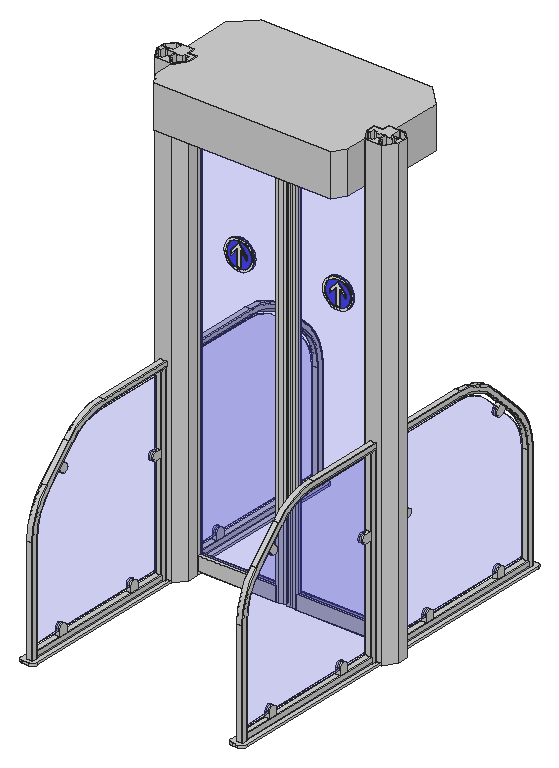
Revit family "agtatec_Record_ScrtTnnl_FlipFlowWide_Standalone2", category Doors, Revit 2015
Parameters (values of type "FlipFlow Wide_1229")
  Width = NominalWidth  # 1229.00 mm
  Weight = "n/a"
  WarrantyStartDate [instance] = "366.999988425926"
  WarrantyGuarantorParts = "Local door manufacturer"
  WarrantyDurationUnit = "Depends on country"
  WarrantyDurationParts = "Depends on country"
  WarrantyDescription = "Depends on country"
  Version = "1"
  Uniclass2015Version = "1.9"
  Uniclass2015Title = "High security doorsets"
  Uniclass2015Code = "Pr_30_59_24_37"
  URL = ""
  Type Comments = ""
  ThresholdStripping = no
  ThresholdRequired = no
  Thickness = 0.00 mm
  ThermalTransmittance = 0
  TagNumber [instance] = "n/a"
  SmokeStop = no
  Size = "2365x2248x1229"
  ShortRailing = yes
  Shape = "cuboid shaped"
  SerialNumber [instance] = "n/a"
  Sensor = agtatec_Record_Aluminium
  SelfClosing = yes
  SafetyDevices = "YES"
  Rubber = agtatec_Record_Rubber
  Rough Width = NominalWidth  # 1229.00 mm
  Rough Height = NominalHeight  # 2365.00 mm
  Revision = "n/a"
  ReplacementCost = "Depends on the configuration and door type"
  Reference = "n/a"
  ProductInformation = "www.agta-record.com"
  PassageWidthOptions = "650/900/1100/1200"
  PassageWidth = 900.00 mm
  PassageHeight = 2150.00 mm
  PanelWidth = (PassageWidth / 2) + 23.10 mm  # 473.10 mm
  PanelGlass = agtatec_Record_Glass
  Operation = "Automatic"
  OperatingTemperature = "n/a"
  OpeningRotationAngle = if(OpenDoor, 90.00°, 0.00°)  # 0.00°
  OpenDoor = no
  NominalWidth = 1229.00 mm
  NominalLength = 2248.00 mm
  NominalHeight = 2365.00 mm
  Name = "record FlipFlow Wide"
  NBSReference = "25-50-20/175"
  NBSDescription = "Sliding Doorset"
  ModelReference = "depends on the configuration"
  ModelNumber = "n/a"
  Model = ""
  Material = "Aluminium"
  ManufacturerURL = "www.agta-record.com"
  Manufacturer = "info@blasi.info"
  Length = 5999.839 mm
  LeafColourOptions = "n/a"
  LargeRailing = no
  Keynote = ""
  IsExternal = no
  InstallationDate [instance] = "366.999988425926"
  Infiltration = 0
  IfcExportType = "Door"
  IfcExportAs = "IFCDoorStyle"
  HeightUnderCanopyOptions = "n/a"
  Height = NominalHeight  # 2365.00 mm
  HasDrive = yes
  HandicapAccessible = yes
  Grade = "n/a"
  GlassType = "n/a"
  GlassThickness2 = 0.00 mm
  GlassThickness1 = 0.00 mm
  GlassLayers = 1
  Function = Exterior
  Frames = agtatec_Record_Aluminium
  FrameProfile = "n/a"
  FrameMaterial = agtatec_Record_Aluminium
  FrameFinishOptions = "stainless steel finish"
  Fire Rating = ""
  Finish = "Aluminium and Glass"
  Features = "n/a"
  Extended = no
  ExpectedLife = "n/a"
  ElectronicLock = yes
  DurationUnit = "Year"
  DoorsetOptions = "n/a"
  DoorsetOperation = "n/a"
  DoorsetFasteners = "n/a"
  DoorSeal = yes
  DoorIncluded = yes
  DiameterOptions = "n/a"
  Description = ""
  Cost = 0
  Construction Type = "Automatic Sliding Door"
  Constituents = "n/a"
  Configuration = "n/a"
  Color = "RAL"
  CodePerformance = "n/a"
  Category = "n/a"
  Capacity = "up tp 2000 people / hour"
  CanopyHeightOptions = "n/a"
  CanopyHeight = 211.00 mm
  BarCode [instance] = "n/a"
  BIMObjectName = "agtatec_Record_ScrtTnnl_FlipFlowWide_Standalone"
  Author = "agtatec"
  AssetType = "n/a"
  AssetIdentifier [instance] = "n/a"
  Assembly Code = ""
  AntiFingerTrapRequirement = no
  AlternativeDoorsetGlazing = "n/a"
  AccessoryOptions = "n/a"
  AccessibilityPerformance = "n/a"
Reference planes
  plane 1 "Entry": y = 0
  plane 2: z = 0
  plane 3 "Center (Left/Right)": x = 0
  plane 4 "Top": z = 2361
  plane 5 "PH": z = 2150
  plane 6: x = -450
  plane 7: x = 450
  plane 8: x = 473.1
  plane 9: x = -473.1
  plane 10 "Right": x = 528.4
  plane 11: x = 536.4
  plane 12 "Left": x = -528.4
  plane 13: x = -536.4
  plane 14: y = 9.35
  plane 15: y = 17.45
  plane 16: z = 70.9
  plane 17: z = 2130.9
Forms (mm)
  Sweep 1, solid, material "agtatec_Record_Aluminium" <- "Frames"
    path origin (0, 0, 0) x (1, 0, 0) y (0, 0, 1)
      loop
        line (450, 0) -> (450, 2361)
    profile origin (450, 0, 1180.5) x (-1, 0, 0) y (0, -1, 0)
      loop
        line (-37.465, 128.76) -> (-127.035, 128.76) -> (-164.5, 68.803) -> (-164.5, 20.298) -> (-126.752, -17.45) -> (-43.296, -17.45) -> (-43.296, 20.296) -> (0, 20.296) -> (0, 68.803) -> (-37.465, 128.76)
      loop
        line (-93.15, 103.76) -> (-100.15, 103.76) -> (-100.15, 113.76) -> (-110.85, 113.76) -> (-110.85, 121.863) -> (-127.78, 121.863) -> (-162, 67.057) -> (-162, 65.303) -> (-144.6, 65.303) -> (-144.6, 44) -> (-121.65, 44) -> (-121.65, 53.5) -> (-84.65, 53.5) -> (-84.65, 90.06) -> (-93.15, 90.06) -> (-93.15, 103.76)
      loop
        line (-71.15, 103.76) -> (-71.15, 90.06) -> (-79.65, 90.06) -> (-79.65, 53.5) -> (-42.65, 53.5) -> (-42.65, 44) -> (-19.9, 44) -> (-19.9, 65.303) -> (-2.3, 65.303) -> (-2.3, 67.057) -> (-36.52, 121.863) -> (-53.45, 121.863) -> (-53.45, 113.76) -> (-64.15, 113.76) -> (-64.15, 103.76) -> (-71.15, 103.76)
      loop
        line (-102.6, 39) -> (-162, 39) -> (-162, 21.326) -> (-129.934, -10.74) -> (-106, -10.74) -> (-106, -7.95) -> (-102.6, -7.95) -> (-102.6, 39)
  Sweep 2, solid, material "agtatec_Record_Aluminium" <- "Frames"
    path origin (0, 0, 0) x (-1, 0, 0) y (0, 0, 1)
      loop
        line (450, 0) -> (450, 2361)
    profile origin (-450, 0, 1180.5) x (-1, 0, 0) y (0, -1, 0)
      loop
        line (37.465, 128.76) -> (0, 68.803) -> (0, 20.296) -> (43.296, 20.296) -> (43.296, -17.45) -> (126.752, -17.45) -> (164.5, 20.298) -> (164.5, 68.803) -> (127.035, 128.76) -> (37.465, 128.76)
      loop
        line (93.15, 103.76) -> (93.15, 90.06) -> (84.65, 90.06) -> (84.65, 53.5) -> (121.65, 53.5) -> (121.65, 44) -> (144.6, 44) -> (144.6, 65.303) -> (162, 65.303) -> (162, 67.057) -> (127.78, 121.863) -> (110.85, 121.863) -> (110.85, 113.76) -> (100.15, 113.76) -> (100.15, 103.76) -> (93.15, 103.76)
      loop
        line (71.15, 103.76) -> (64.15, 103.76) -> (64.15, 113.76) -> (53.45, 113.76) -> (53.45, 121.863) -> (36.52, 121.863) -> (2.3, 67.057) -> (2.3, 65.303) -> (19.9, 65.303) -> (19.9, 44) -> (42.65, 44) -> (42.65, 53.5) -> (79.65, 53.5) -> (79.65, 90.06) -> (71.15, 90.06) -> (71.15, 103.76)
      loop
        line (102.6, 39) -> (102.6, -7.95) -> (106, -7.95) -> (106, -10.74) -> (129.934, -10.74) -> (162, 21.326) -> (162, 39) -> (102.6, 39)
  Extrusion 3, solid, material "agtatec_Record_Aluminium" <- "Frames"
    sketch origin (0, 0, 2150) x (-1, 0, 0) y (0, -1, 0)
      loop
        line (-488.1, 129.776) -> (-450, 68.803) -> (-450, 20.296) -> (-493.296, 20.296) -> (-493.296, -17.45) -> (-531.6, -17.45) -> (-531.6, -267.378) -> (-432.428, -366.55) -> (431.978, -366.55) -> (531.6, -266.928) -> (531.6, -17.45) -> (493.296, -17.45) -> (493.296, 20.296) -> (450, 20.296) -> (450, 68.803) -> (487.75, 129.216) -> (487.75, 231.198) -> (447.851, 295.05) -> (-448.458, 295.05) -> (-488.1, 231.61) -> (-488.1, 129.776)
    from 0 to 10
  Extrusion 4, solid, material "agtatec_Record_Aluminium" <- "Frames"
    sketch origin (0, -5999.839, 2150) x (-1, 0, 0) y (0, -1, 0)
      loop
        line (-531.6, -6267.218) -> (-432.428, -6366.389) -> (431.978, -6366.389) -> (531.6, -6266.768) -> (531.6, -6017.289) -> (529.6, -6017.289) -> (529.6, -6266.115) -> (430.974, -6364.389) -> (-431.6, -6364.389) -> (-529.6, -6266.389) -> (-529.6, -6017.289) -> (-531.6, -6017.289) -> (-531.6, -6267.218)
    from 0 to 211
  Extrusion 5, solid, material "agtatec_Record_Aluminium" <- "Frames"
    sketch origin (0, 0, 2150) x (-1, 0, 0) y (0, -1, 0)
      loop
        line (487.75, 128.76) -> (487.75, 231.198) -> (447.851, 295.05) -> (-448.458, 295.05) -> (-488.1, 231.61) -> (-488.1, 128.76) -> (-486.1, 128.76) -> (-486.1, 231.037) -> (-447.35, 293.05) -> (446.742, 293.05) -> (485.75, 230.625) -> (485.75, 128.76) -> (487.75, 128.76)
    from 0 to 211
  Extrusion 6, solid, material "agtatec_Record_Aluminium" <- "Frames"
    sketch origin (0, 0, 2361) x (-1, 0, 0) y (0, -1, 0)
      loop
        line (487.75, 129.216) -> (487.75, 231.198) -> (447.851, 295.05) -> (-448.458, 295.05) -> (-488.1, 231.61) -> (-488.1, 129.776) -> (-450, 68.803) -> (-450, 20.296) -> (-493.296, 20.296) -> (-493.296, -17.45) -> (-531.6, -17.45) -> (-531.6, -267.378) -> (-432.428, -366.55) -> (431.978, -366.55) -> (531.6, -266.928) -> (531.6, -17.45) -> (493.296, -17.45) -> (493.296, 20.296) -> (450, 20.296) -> (450, 68.803) -> (487.75, 129.216)
    from 0 to -10
  Sweep 7, solid, material "agtatec_Record_Aluminium" <- "Frames"
    path origin (528.4, 0, 0) x (0, -1, 0) y (0, 0, 1)
      loop
        line (128.76, 1000) -> (521.973, 1000)
        arc (521.973, 1000) -> (642.519, 976.022) -> (744.712, 907.739) r 315
        line (744.712, 907.739) -> (886.133, 766.317)
        arc (886.133, 766.317) -> (954.417, 664.124) -> (978.395, 543.579) r 315
        line (978.395, 543.579) -> (978.395, 0)
    profile origin (528.4, -325.367, 1000) x (0, 0, 1) y (-1, 0, 0)
      loop
        arc (0, 8.042) -> (-0.893, 10.136) -> (-2.999, 11) r 2.999
        line (-2.999, 11) -> (-26.998, 11)
        arc (-26.998, 11) -> (-29.119, 10.121) -> (-30, 8) r 3
        line (-30, 8) -> (-30, -16.051)
        arc (-30, -16.051) -> (-29.104, -18.139) -> (-27.002, -19) r 2.999
        line (-27.002, -19) -> (-3.001, -19)
        arc (-3.001, -19) -> (-0.894, -18.136) -> (0, -16.041) r 3.001
        line (0, -16.041) -> (0, 8.042)
  Sweep 8, solid, material "agtatec_Record_Aluminium" <- "Frames", visible <- "LargeRailing"
    path origin (528.4, 18.7, 0) x (0, 1, 0) y (0, 0, 1)
      loop
        line (-1.25, 1000) -> (742.679, 1000)
        arc (742.679, 1000) -> (863.225, 976.022) -> (965.418, 907.739) r 315
        line (965.418, 907.739) -> (1106.841, 766.316)
        arc (1106.841, 766.316) -> (1175.124, 664.122) -> (1199.102, 543.577) r 315
        line (1199.102, 543.577) -> (1199.102, 0)
    profile origin (528.4, 389.415, 1000) x (0, 0, -1) y (-1, 0, 0)
      loop
        line (0, 8.042) -> (0, -16.041)
        arc (0, -16.041) -> (0.894, -18.136) -> (3.001, -19) r 3.001
        line (3.001, -19) -> (27.002, -19)
        arc (27.002, -19) -> (29.104, -18.139) -> (30, -16.051) r 2.999
        line (30, -16.051) -> (30, 8)
        arc (30, 8) -> (29.119, 10.121) -> (26.998, 11) r 3
        line (26.998, 11) -> (2.999, 11)
        arc (2.999, 11) -> (0.893, 10.136) -> (0, 8.042) r 2.999
  Extrusion 9, solid, material "agtatec_Record_Aluminium" <- "Frames"
    sketch origin (0, 0, 0) x (1, 0, 0) y (0, 1, 0)
      loop
        line (492.399, -128.76) -> (492.399, -978.395)
        arc (492.399, -978.395) -> (499.722, -996.072) -> (517.399, -1003.395) r 25
        line (517.399, -1003.395) -> (547.399, -1003.395)
        arc (547.399, -1003.395) -> (565.077, -996.072) -> (572.399, -978.395) r 25
        line (572.399, -978.395) -> (572.399, -128.76) -> (544.441, -128.76)
        arc (544.441, -128.76) -> (546.562, -129.639) -> (547.441, -131.76) r 3
        line (547.441, -131.76) -> (547.441, -155.76)
        arc (547.441, -155.76) -> (546.564, -157.879) -> (544.448, -158.76) r 3
        line (544.448, -158.76) -> (520.433, -158.76)
        arc (520.433, -158.76) -> (518.317, -157.879) -> (517.441, -155.76) r 3
        line (517.441, -155.76) -> (517.441, -131.76)
        arc (517.441, -131.76) -> (518.319, -129.639) -> (520.441, -128.76) r 3
        line (520.441, -128.76) -> (492.399, -128.76)
      loop
        line (520.358, -978.395) -> (544.441, -978.395)
        arc (544.441, -978.395) -> (546.536, -977.501) -> (547.4, -975.394) r 3.001
        line (547.4, -975.394) -> (547.4, -951.393)
        arc (547.4, -951.393) -> (546.539, -949.29) -> (544.451, -948.394) r 2.999
        line (544.451, -948.394) -> (520.4, -948.394)
        arc (520.4, -948.394) -> (518.279, -949.275) -> (517.4, -951.397) r 3
        line (517.4, -951.397) -> (517.4, -975.396)
        arc (517.4, -975.396) -> (518.264, -977.502) -> (520.358, -978.395) r 2.999
    from 0 to 10
  Extrusion 10, solid, material "agtatec_Record_Aluminium" <- "Frames", visible <- "LargeRailing"
    sketch origin (0, 239.408, 0) x (1, 0, 0) y (0, 1, 0)
      loop
        line (492.399, -221.958) -> (520.441, -221.958)
        arc (520.441, -221.958) -> (518.319, -221.079) -> (517.441, -218.958) r 3
        line (517.441, -218.958) -> (517.441, -194.958)
        arc (517.441, -194.958) -> (518.317, -192.839) -> (520.433, -191.958) r 3
        line (520.433, -191.958) -> (544.448, -191.958)
        arc (544.448, -191.958) -> (546.564, -192.839) -> (547.441, -194.958) r 3
        line (547.441, -194.958) -> (547.441, -218.958)
        arc (547.441, -218.958) -> (546.562, -221.079) -> (544.441, -221.958) r 3
        line (544.441, -221.958) -> (572.399, -221.958) -> (572.399, 978.395)
        arc (572.399, 978.395) -> (565.077, 996.072) -> (547.399, 1003.395) r 25
        line (547.399, 1003.395) -> (517.399, 1003.395)
        arc (517.399, 1003.395) -> (499.722, 996.072) -> (492.399, 978.395) r 25
        line (492.399, 978.395) -> (492.399, -221.958)
      loop
        line (517.4, 975.396) -> (517.4, 951.397)
        arc (517.4, 951.397) -> (518.279, 949.275) -> (520.4, 948.397) r 3
        line (520.4, 948.397) -> (544.451, 948.394)
        arc (544.451, 948.394) -> (546.539, 949.29) -> (547.4, 951.393) r 2.999
        line (547.4, 951.393) -> (547.4, 975.394)
        arc (547.4, 975.394) -> (546.536, 977.501) -> (544.441, 978.395) r 3.001
        line (544.441, 978.395) -> (520.358, 978.395)
        arc (520.358, 978.395) -> (518.264, 977.502) -> (517.4, 975.396) r 2.999
    from 0 to 10
  Extrusion 11, solid, material "agtatec_Record_Aluminium" <- "Frames", visible <- "LargeRailing"
    sketch origin (0, 47.45, 256.131) x (0, 0, -1) y (1, 0, 0)
      loop
        line (-213.868, 544.496) -> (-213.868, 520.302)
        arc (-213.868, 520.302) -> (-212.989, 518.235) -> (-210.921, 517.358) r 3
        line (-210.921, 517.358) -> (-186.871, 517.358)
        arc (-186.871, 517.358) -> (-184.749, 518.237) -> (-183.869, 520.359) r 3.002
        line (-183.869, 520.359) -> (-183.869, 544.439)
        arc (-183.869, 544.439) -> (-184.749, 546.561) -> (-186.871, 547.441) r 3.002
        line (-186.871, 547.441) -> (-210.921, 547.441)
        arc (-210.921, 547.441) -> (-212.989, 546.563) -> (-213.868, 544.496) r 3
    from 0 to -1140.352
  Extrusion 12, solid, material "agtatec_Record_Aluminium" <- "Frames"
    sketch origin (0, 0, 0) x (1, 0, 0) y (0, 1, 0)
      loop
        arc (517.441, -155.76) -> (518.317, -157.879) -> (520.433, -158.76) r 3
        line (520.433, -158.76) -> (544.448, -158.76)
        arc (544.448, -158.76) -> (546.564, -157.879) -> (547.441, -155.76) r 3
        line (547.441, -155.76) -> (547.441, -131.76)
        arc (547.441, -131.76) -> (546.562, -129.639) -> (544.441, -128.76) r 3
        line (544.441, -128.76) -> (520.441, -128.76)
        arc (520.441, -128.76) -> (518.319, -129.639) -> (517.441, -131.76) r 3
        line (517.441, -131.76) -> (517.441, -155.76)
    from 0 to 970
  Extrusion 13, solid, material "agtatec_Record_Glass" <- "PanelGlass", visible <- "LargeRailing"
    sketch origin (528.4, 0, 0) x (0, -1, 0) y (0, 0, 1)
      loop
        arc (-767.249, 949.5) -> (-862.92, 930.47) -> (-944.026, 876.277) r 250
        line (-944.026, 876.277) -> (-1004.912, 815.391) -> (-998.265, 808.744)
        arc (-998.265, 808.744) -> (-998.265, 780.46) -> (-1026.549, 780.46) r 20
        line (-1026.549, 780.46) -> (-1033.196, 787.107) -> (-1094.579, 725.724)
        arc (-1094.579, 725.724) -> (-1148.772, 644.618) -> (-1167.802, 548.947) r 250
        line (-1167.802, 548.947) -> (-1167.802, 490.5) -> (-957.802, 490.5) -> (-957.802, 500)
        arc (-957.802, 500) -> (-937.802, 520) -> (-917.802, 500) r 20
        line (-917.802, 500) -> (-917.802, 490.5) -> (-287.805, 490.5) -> (-287.805, 500)
        arc (-287.805, 500) -> (-267.805, 520) -> (-247.805, 500) r 20
        line (-247.805, 500) -> (-247.805, 490.5) -> (-67.805, 490.5) -> (-67.805, 949.5) -> (-247.805, 949.5) -> (-247.805, 940)
        arc (-247.805, 940) -> (-267.805, 920) -> (-287.805, 940) r 20
        line (-287.805, 940) -> (-287.805, 949.5) -> (-767.249, 949.5)
    from 0 to -8
  Extrusion 14, solid, material "agtatec_Record_Aluminium" <- "Frames", visible <- "LargeRailing"
    sketch origin (0, -111.31, 0) x (1, 0, 0) y (0, 1, 0)
      loop
        line (517.441, 155.76) -> (517.441, 131.76)
        arc (517.441, 131.76) -> (518.319, 129.639) -> (520.441, 128.76) r 3
        line (520.441, 128.76) -> (544.441, 128.76)
        arc (544.441, 128.76) -> (546.562, 129.639) -> (547.441, 131.76) r 3
        line (547.441, 131.76) -> (547.441, 155.76)
        arc (547.441, 155.76) -> (546.564, 157.879) -> (544.448, 158.76) r 3
        line (544.448, 158.76) -> (520.433, 158.76)
        arc (520.433, 158.76) -> (518.317, 157.879) -> (517.441, 155.76) r 3
    from 0 to 970
  Extrusion 15, solid, material "agtatec_Record_Glass" <- "PanelGlass", visible <- "LargeRailing"
    sketch origin (528.4, 0, 0) x (0, -1, 0) y (0, 0, 1)
      loop
        line (-67.805, 420) -> (-247.805, 420) -> (-247.805, 410)
        arc (-247.805, 410) -> (-267.805, 390) -> (-287.805, 410) r 20
        line (-287.805, 410) -> (-287.805, 420) -> (-917.802, 420) -> (-917.802, 410)
        arc (-917.802, 410) -> (-937.802, 390) -> (-957.802, 410) r 20
        line (-957.802, 410) -> (-957.802, 420) -> (-1167.805, 420) -> (-1167.805, 60) -> (-957.802, 60) -> (-957.802, 70)
        arc (-957.802, 70) -> (-937.802, 90) -> (-917.802, 70) r 20
        line (-917.802, 70) -> (-917.802, 60) -> (-287.805, 60) -> (-287.805, 70)
        arc (-287.805, 70) -> (-267.805, 90) -> (-247.805, 70) r 20
        line (-247.805, 70) -> (-247.805, 60) -> (-67.805, 60) -> (-67.805, 420)
    from 0 to -8
  Extrusion 16, solid, material "agtatec_Record_Glass" <- "PanelGlass"
    sketch origin (528.4, 0, 0) x (0, -1, 0) y (0, 0, 1)
      loop
        line (178.395, 60) -> (308.395, 60) -> (308.395, 69.999)
        arc (308.395, 69.999) -> (328.395, 89.999) -> (348.395, 69.999) r 20
        line (348.395, 69.999) -> (348.395, 60) -> (758.395, 60) -> (758.395, 69.999)
        arc (758.395, 69.999) -> (778.395, 89.999) -> (798.395, 69.999) r 20
        line (798.395, 69.999) -> (798.395, 60) -> (928.395, 60) -> (928.395, 549.447)
        arc (928.395, 549.447) -> (909.365, 645.117) -> (855.171, 726.223) r 250
        line (855.171, 726.223) -> (794.037, 787.358) -> (787.138, 780.459)
        arc (787.138, 780.459) -> (758.854, 780.459) -> (758.854, 808.744) r 20
        line (758.854, 808.744) -> (765.753, 815.642) -> (704.618, 876.777)
        arc (704.618, 876.777) -> (623.512, 930.97) -> (527.841, 950) r 250
        line (527.841, 950) -> (178.395, 950) -> (178.395, 610) -> (188.76, 610)
        arc (188.76, 610) -> (208.76, 590) -> (188.76, 570) r 20
        line (188.76, 570) -> (178.395, 570) -> (178.395, 60)
    from 0 to -8
  Extrusion 17, solid, material "agtatec_Record_Aluminium" <- "Frames", visible <- "LargeRailing"
    sketch origin (0, 47.45, 256.131) x (0, 0, -1) y (1, 0, 0)
      loop
        line (216.132, 544.496) -> (216.132, 520.302)
        arc (216.132, 520.302) -> (217.011, 518.235) -> (219.079, 517.358) r 3
        line (219.079, 517.358) -> (243.129, 517.358)
        arc (243.129, 517.358) -> (245.251, 518.237) -> (246.131, 520.359) r 3.002
        line (246.131, 520.359) -> (246.131, 544.439)
        arc (246.131, 544.439) -> (245.251, 546.561) -> (243.129, 547.441) r 3.002
        line (243.129, 547.441) -> (219.079, 547.441)
        arc (219.079, 547.441) -> (217.011, 546.563) -> (216.132, 544.496) r 3
    from 0 to -1140.352
  Extrusion 18, solid, material "agtatec_Record_Aluminium" <- "Frames"
    sketch origin (0, -47.45, 256.131) x (0, 0, -1) y (-1, 0, 0)
      loop
        arc (216.132, -544.496) -> (217.011, -546.563) -> (219.079, -547.441) r 3
        line (219.079, -547.441) -> (243.129, -547.441)
        arc (243.129, -547.441) -> (245.251, -546.561) -> (246.131, -544.439) r 3.002
        line (246.131, -544.439) -> (246.131, -520.359)
        arc (246.131, -520.359) -> (245.251, -518.237) -> (243.129, -517.358) r 3.002
        line (243.129, -517.358) -> (219.079, -517.358)
        arc (219.079, -517.358) -> (217.011, -518.235) -> (216.132, -520.302) r 3
        line (216.132, -520.302) -> (216.132, -544.496)
    from -111.31 to -900.945
  Extrusion 19, solid, material "agtatec_Record_Aluminium" <- "Frames", visible <- "LargeRailing"
    sketch origin (528.4, 0, 0) x (0, -1, 0) y (0, 0, 1)
      loop
        line (-247.805, 970) -> (-287.805, 970) -> (-287.805, 940)
        arc (-287.805, 940) -> (-267.805, 920) -> (-247.805, 940) r 20
        line (-247.805, 940) -> (-247.805, 970)
      loop
        line (-1019.478, 829.957) -> (-1047.762, 801.673) -> (-1026.549, 780.46)
        arc (-1026.549, 780.46) -> (-998.265, 780.46) -> (-998.265, 808.744) r 20
        line (-998.265, 808.744) -> (-1019.478, 829.957)
      loop
        line (-957.802, 470) -> (-917.802, 470) -> (-917.802, 500)
        arc (-917.802, 500) -> (-937.802, 520) -> (-957.802, 500) r 20
        line (-957.802, 500) -> (-957.802, 470)
      loop
        line (-247.805, 470) -> (-247.805, 500)
        arc (-247.805, 500) -> (-267.805, 520) -> (-287.805, 500) r 20
        line (-287.805, 500) -> (-287.805, 470) -> (-247.805, 470)
      loop
        line (-957.802, 440) -> (-957.802, 410)
        arc (-957.802, 410) -> (-937.802, 390) -> (-917.802, 410) r 20
        line (-917.802, 410) -> (-917.802, 440) -> (-957.802, 440)
      loop
        line (-247.805, 440) -> (-287.805, 440) -> (-287.805, 410)
        arc (-287.805, 410) -> (-267.805, 390) -> (-247.805, 410) r 20
        line (-247.805, 410) -> (-247.805, 440)
      loop
        line (-957.802, 40) -> (-917.802, 40) -> (-917.802, 70)
        arc (-917.802, 70) -> (-937.802, 90) -> (-957.802, 70) r 20
        line (-957.802, 70) -> (-957.802, 40)
      loop
        line (-247.805, 40) -> (-247.805, 70)
        arc (-247.805, 70) -> (-267.805, 90) -> (-287.805, 70) r 20
        line (-287.805, 70) -> (-287.805, 40) -> (-247.805, 40)
    from -16 to 8
  Extrusion 20, solid, material "agtatec_Record_Aluminium" <- "Frames"
    sketch origin (528.4, 0, 0) x (0, -1, 0) y (0, 0, 1)
      loop
        line (780.067, 829.957) -> (758.854, 808.744)
        arc (758.854, 808.744) -> (758.854, 780.459) -> (787.138, 780.459) r 20
        line (787.138, 780.459) -> (808.351, 801.672) -> (780.067, 829.957)
      loop
        line (798.395, 39.999) -> (798.395, 69.999)
        arc (798.395, 69.999) -> (778.395, 89.999) -> (758.395, 69.999) r 20
        line (758.395, 69.999) -> (758.395, 39.999) -> (798.395, 39.999)
      loop
        line (348.395, 39.999) -> (348.395, 69.999)
        arc (348.395, 69.999) -> (328.395, 89.999) -> (308.395, 69.999) r 20
        line (308.395, 69.999) -> (308.395, 39.999) -> (348.395, 39.999)
      loop
        line (158.76, 570) -> (188.76, 570)
        arc (188.76, 570) -> (208.76, 590) -> (188.76, 610) r 20
        line (188.76, 610) -> (158.76, 610) -> (158.76, 570)
    from -16 to 8
  Sweep 21, solid, material "agtatec_Record_Aluminium" <- "Frames"
    path origin (-528.4, 0, 0) x (0, -1, 0) y (0, 0, 1)
      loop
        line (128.76, 1000) -> (521.973, 1000)
        arc (521.973, 1000) -> (642.519, 976.022) -> (744.712, 907.739) r 315
        line (744.712, 907.739) -> (886.133, 766.317)
        arc (886.133, 766.317) -> (954.417, 664.124) -> (978.395, 543.579) r 315
        line (978.395, 543.579) -> (978.395, 0)
    profile origin (-528.4, -325.367, 1000) x (0, 0, -1) y (1, 0, 0)
      loop
        line (0, 8.042) -> (0, -16.041)
        arc (0, -16.041) -> (0.894, -18.136) -> (3.001, -19) r 3.001
        line (3.001, -19) -> (27.002, -19)
        arc (27.002, -19) -> (29.104, -18.139) -> (30, -16.051) r 2.999
        line (30, -16.051) -> (30, 8)
        arc (30, 8) -> (29.119, 10.121) -> (26.998, 11) r 3
        line (26.998, 11) -> (2.999, 11)
        arc (2.999, 11) -> (0.893, 10.136) -> (0, 8.042) r 2.999
  Sweep 22, solid, material "agtatec_Record_Aluminium" <- "Frames", visible <- "LargeRailing"
    path origin (-528.4, 0, 0) x (0, -1, 0) y (0, 0, 1)
      loop
        line (-17.45, 1000) -> (-761.379, 1000)
        arc (-761.379, 1000) -> (-881.925, 976.022) -> (-984.118, 907.739) r 315
        line (-984.118, 907.739) -> (-1125.541, 766.316)
        arc (-1125.541, 766.316) -> (-1193.824, 664.122) -> (-1217.802, 543.577) r 315
        line (-1217.802, 543.577) -> (-1217.802, 0)
    profile origin (-528.4, 389.415, 1000) x (0, 0, 1) y (1, 0, 0)
      loop
        arc (0, 8.042) -> (-0.893, 10.136) -> (-2.999, 11) r 2.999
        line (-2.999, 11) -> (-26.998, 11)
        arc (-26.998, 11) -> (-29.119, 10.121) -> (-30, 8) r 3
        line (-30, 8) -> (-30, -16.051)
        arc (-30, -16.051) -> (-29.104, -18.139) -> (-27.002, -19) r 2.999
        line (-27.002, -19) -> (-3.001, -19)
        arc (-3.001, -19) -> (-0.894, -18.136) -> (0, -16.041) r 3.001
        line (0, -16.041) -> (0, 8.042)
  Extrusion 23, solid, material "agtatec_Record_Aluminium" <- "Frames"
    sketch origin (0, 0, 0) x (-1, 0, 0) y (0, -1, 0)
      loop
        line (492.399, 128.76) -> (520.441, 128.76)
        arc (520.441, 128.76) -> (518.319, 129.639) -> (517.441, 131.76) r 3
        line (517.441, 131.76) -> (517.441, 155.76)
        arc (517.441, 155.76) -> (518.317, 157.879) -> (520.433, 158.76) r 3
        line (520.433, 158.76) -> (544.448, 158.76)
        arc (544.448, 158.76) -> (546.564, 157.879) -> (547.441, 155.76) r 3
        line (547.441, 155.76) -> (547.441, 131.76)
        arc (547.441, 131.76) -> (546.562, 129.639) -> (544.441, 128.76) r 3
        line (544.441, 128.76) -> (572.399, 128.76) -> (572.399, 978.395)
        arc (572.399, 978.395) -> (565.077, 996.072) -> (547.399, 1003.395) r 25
        line (547.399, 1003.395) -> (517.399, 1003.395)
        arc (517.399, 1003.395) -> (499.722, 996.072) -> (492.399, 978.395) r 25
        line (492.399, 978.395) -> (492.399, 128.76)
      loop
        arc (520.358, 978.395) -> (518.264, 977.502) -> (517.4, 975.396) r 2.999
        line (517.4, 975.396) -> (517.4, 951.397)
        arc (517.4, 951.397) -> (518.279, 949.275) -> (520.4, 948.394) r 3
        line (520.4, 948.394) -> (544.451, 948.394)
        arc (544.451, 948.394) -> (546.539, 949.29) -> (547.4, 951.393) r 2.999
        line (547.4, 951.393) -> (547.4, 975.394)
        arc (547.4, 975.394) -> (546.536, 977.501) -> (544.441, 978.395) r 3.001
        line (544.441, 978.395) -> (520.358, 978.395)
    from 0 to 10
  Extrusion 24, solid, material "agtatec_Record_Aluminium" <- "Frames", visible <- "LargeRailing"
    sketch origin (0, 239.408, 0) x (-1, 0, 0) y (0, -1, 0)
      loop
        line (492.399, 221.958) -> (492.399, -978.395)
        arc (492.399, -978.395) -> (499.722, -996.072) -> (517.399, -1003.395) r 25
        line (517.399, -1003.395) -> (547.399, -1003.395)
        arc (547.399, -1003.395) -> (565.077, -996.072) -> (572.399, -978.395) r 25
        line (572.399, -978.395) -> (572.399, 221.958) -> (544.441, 221.958)
        arc (544.441, 221.958) -> (546.562, 221.079) -> (547.441, 218.958) r 3
        line (547.441, 218.958) -> (547.441, 194.958)
        arc (547.441, 194.958) -> (546.564, 192.839) -> (544.448, 191.958) r 3
        line (544.448, 191.958) -> (520.433, 191.958)
        arc (520.433, 191.958) -> (518.317, 192.839) -> (517.441, 194.958) r 3
        line (517.441, 194.958) -> (517.441, 218.958)
        arc (517.441, 218.958) -> (518.319, 221.079) -> (520.441, 221.958) r 3
        line (520.441, 221.958) -> (492.399, 221.958)
      loop
        arc (517.4, -975.396) -> (518.264, -977.502) -> (520.358, -978.395) r 2.999
        line (520.358, -978.395) -> (544.441, -978.395)
        arc (544.441, -978.395) -> (546.536, -977.501) -> (547.4, -975.394) r 3.001
        line (547.4, -975.394) -> (547.4, -951.393)
        arc (547.4, -951.393) -> (546.539, -949.29) -> (544.451, -948.394) r 2.999
        line (544.451, -948.394) -> (520.4, -948.397)
        arc (520.4, -948.397) -> (518.279, -949.275) -> (517.4, -951.397) r 3
        line (517.4, -951.397) -> (517.4, -975.396)
    from 0 to 10
  Extrusion 25, solid, material "agtatec_Record_Aluminium" <- "Frames", visible <- "LargeRailing"
    sketch origin (0, 47.45, 256.131) x (0, 0, -1) y (1, 0, 0)
      loop
        arc (-213.868, -544.496) -> (-212.989, -546.563) -> (-210.921, -547.441) r 3
        line (-210.921, -547.441) -> (-186.871, -547.441)
        arc (-186.871, -547.441) -> (-184.749, -546.561) -> (-183.869, -544.439) r 3.002
        line (-183.869, -544.439) -> (-183.869, -520.359)
        arc (-183.869, -520.359) -> (-184.749, -518.237) -> (-186.871, -517.358) r 3.002
        line (-186.871, -517.358) -> (-210.921, -517.358)
        arc (-210.921, -517.358) -> (-212.989, -518.235) -> (-213.868, -520.302) r 3
        line (-213.868, -520.302) -> (-213.868, -544.496)
    from 0 to -1140.352
  Extrusion 26, solid, material "agtatec_Record_Aluminium" <- "Frames"
    sketch origin (0, 0, 0) x (-1, 0, 0) y (0, -1, 0)
      loop
        line (517.441, 155.76) -> (517.441, 131.76)
        arc (517.441, 131.76) -> (518.319, 129.639) -> (520.441, 128.76) r 3
        line (520.441, 128.76) -> (544.441, 128.76)
        arc (544.441, 128.76) -> (546.562, 129.639) -> (547.441, 131.76) r 3
        line (547.441, 131.76) -> (547.441, 155.76)
        arc (547.441, 155.76) -> (546.564, 157.879) -> (544.448, 158.76) r 3
        line (544.448, 158.76) -> (520.433, 158.76)
        arc (520.433, 158.76) -> (518.317, 157.879) -> (517.441, 155.76) r 3
    from 0 to 970
  Extrusion 27, solid, material "agtatec_Record_Glass" <- "PanelGlass", visible <- "LargeRailing"
    sketch origin (-528.4, 0, 0) x (0, -1, 0) y (0, 0, -1)
      loop
        line (-767.249, -949.5) -> (-287.805, -949.5) -> (-287.805, -940)
        arc (-287.805, -940) -> (-267.805, -920) -> (-247.805, -940) r 20
        line (-247.805, -940) -> (-247.805, -949.5) -> (-67.805, -949.5) -> (-67.805, -490.5) -> (-247.805, -490.5) -> (-247.805, -500)
        arc (-247.805, -500) -> (-267.805, -520) -> (-287.805, -500) r 20
        line (-287.805, -500) -> (-287.805, -490.5) -> (-917.802, -490.5) -> (-917.802, -500)
        arc (-917.802, -500) -> (-937.802, -520) -> (-957.802, -500) r 20
        line (-957.802, -500) -> (-957.802, -490.5) -> (-1167.802, -490.5) -> (-1167.802, -548.947)
        arc (-1167.802, -548.947) -> (-1148.772, -644.618) -> (-1094.579, -725.724) r 250
        line (-1094.579, -725.724) -> (-1033.196, -787.107) -> (-1026.549, -780.46)
        arc (-1026.549, -780.46) -> (-998.265, -780.46) -> (-998.265, -808.744) r 20
        line (-998.265, -808.744) -> (-1004.912, -815.391) -> (-944.026, -876.277)
        arc (-944.026, -876.277) -> (-862.92, -930.47) -> (-767.249, -949.5) r 250
    from 0 to -8
  Extrusion 28, solid, material "agtatec_Record_Aluminium" <- "Frames", visible <- "LargeRailing"
    sketch origin (0, -111.31, 0) x (-1, 0, 0) y (0, -1, 0)
      loop
        arc (517.441, -155.76) -> (518.317, -157.879) -> (520.433, -158.76) r 3
        line (520.433, -158.76) -> (544.448, -158.76)
        arc (544.448, -158.76) -> (546.564, -157.879) -> (547.441, -155.76) r 3
        line (547.441, -155.76) -> (547.441, -131.76)
        arc (547.441, -131.76) -> (546.562, -129.639) -> (544.441, -128.76) r 3
        line (544.441, -128.76) -> (520.441, -128.76)
        arc (520.441, -128.76) -> (518.319, -129.639) -> (517.441, -131.76) r 3
        line (517.441, -131.76) -> (517.441, -155.76)
    from 0 to 970
  Extrusion 29, solid, material "agtatec_Record_Glass" <- "PanelGlass", visible <- "LargeRailing"
    sketch origin (-528.4, 0, 0) x (0, -1, 0) y (0, 0, -1)
      loop
        line (-67.805, -420) -> (-67.805, -60) -> (-247.805, -60) -> (-247.805, -70)
        arc (-247.805, -70) -> (-267.805, -90) -> (-287.805, -70) r 20
        line (-287.805, -70) -> (-287.805, -60) -> (-917.802, -60) -> (-917.802, -70)
        arc (-917.802, -70) -> (-937.802, -90) -> (-957.802, -70) r 20
        line (-957.802, -70) -> (-957.802, -60) -> (-1167.805, -60) -> (-1167.805, -420) -> (-957.802, -420) -> (-957.802, -410)
        arc (-957.802, -410) -> (-937.802, -390) -> (-917.802, -410) r 20
        line (-917.802, -410) -> (-917.802, -420) -> (-287.805, -420) -> (-287.805, -410)
        arc (-287.805, -410) -> (-267.805, -390) -> (-247.805, -410) r 20
        line (-247.805, -410) -> (-247.805, -420) -> (-67.805, -420)
    from 0 to -8
  Extrusion 30, solid, material "agtatec_Record_Glass" <- "PanelGlass"
    sketch origin (-528.4, 0, 0) x (0, -1, 0) y (0, 0, -1)
      loop
        line (178.395, -60) -> (178.395, -570) -> (188.76, -570)
        arc (188.76, -570) -> (208.76, -590) -> (188.76, -610) r 20
        line (188.76, -610) -> (178.395, -610) -> (178.395, -950) -> (527.841, -950)
        arc (527.841, -950) -> (623.512, -930.97) -> (704.618, -876.777) r 250
        line (704.618, -876.777) -> (765.753, -815.642) -> (758.854, -808.744)
        arc (758.854, -808.744) -> (758.854, -780.459) -> (787.138, -780.459) r 20
        line (787.138, -780.459) -> (794.037, -787.358) -> (855.171, -726.223)
        arc (855.171, -726.223) -> (909.365, -645.117) -> (928.395, -549.447) r 250
        line (928.395, -549.447) -> (928.395, -60) -> (798.395, -60) -> (798.395, -69.999)
        arc (798.395, -69.999) -> (778.395, -89.999) -> (758.395, -69.999) r 20
        line (758.395, -69.999) -> (758.395, -60) -> (348.395, -60) -> (348.395, -69.999)
        arc (348.395, -69.999) -> (328.395, -89.999) -> (308.395, -69.999) r 20
        line (308.395, -69.999) -> (308.395, -60) -> (178.395, -60)
    from 0 to -8
  Extrusion 31, solid, material "agtatec_Record_Aluminium" <- "Frames", visible <- "LargeRailing"
    sketch origin (0, 47.45, 256.131) x (0, 0, -1) y (1, 0, 0)
      loop
        arc (216.132, -544.496) -> (217.011, -546.563) -> (219.079, -547.441) r 3
        line (219.079, -547.441) -> (243.129, -547.441)
        arc (243.129, -547.441) -> (245.251, -546.561) -> (246.131, -544.439) r 3.002
        line (246.131, -544.439) -> (246.131, -520.359)
        arc (246.131, -520.359) -> (245.251, -518.237) -> (243.129, -517.358) r 3.002
        line (243.129, -517.358) -> (219.079, -517.358)
        arc (219.079, -517.358) -> (217.011, -518.235) -> (216.132, -520.302) r 3
        line (216.132, -520.302) -> (216.132, -544.496)
    from 0 to -1140.352
  Extrusion 32, solid, material "agtatec_Record_Aluminium" <- "Frames"
    sketch origin (0, -47.45, 256.131) x (0, 0, -1) y (-1, 0, 0)
      loop
        line (216.132, 544.496) -> (216.132, 520.302)
        arc (216.132, 520.302) -> (217.011, 518.235) -> (219.079, 517.358) r 3
        line (219.079, 517.358) -> (243.129, 517.358)
        arc (243.129, 517.358) -> (245.251, 518.237) -> (246.131, 520.359) r 3.002
        line (246.131, 520.359) -> (246.131, 544.439)
        arc (246.131, 544.439) -> (245.251, 546.561) -> (243.129, 547.441) r 3.002
        line (243.129, 547.441) -> (219.079, 547.441)
        arc (219.079, 547.441) -> (217.011, 546.563) -> (216.132, 544.496) r 3
    from -111.31 to -900.945
  Extrusion 33, solid, material "agtatec_Record_Aluminium" <- "Frames", visible <- "LargeRailing"
    sketch origin (-528.4, 0, 0) x (0, -1, 0) y (0, 0, -1)
      loop
        line (-247.805, -970) -> (-247.805, -940)
        arc (-247.805, -940) -> (-267.805, -920) -> (-287.805, -940) r 20
        line (-287.805, -940) -> (-287.805, -970) -> (-247.805, -970)
      loop
        line (-1019.478, -829.957) -> (-998.265, -808.744)
        arc (-998.265, -808.744) -> (-998.265, -780.46) -> (-1026.549, -780.46) r 20
        line (-1026.549, -780.46) -> (-1047.762, -801.673) -> (-1019.478, -829.957)
      loop
        line (-957.802, -470) -> (-957.802, -500)
        arc (-957.802, -500) -> (-937.802, -520) -> (-917.802, -500) r 20
        line (-917.802, -500) -> (-917.802, -470) -> (-957.802, -470)
      loop
        line (-247.805, -470) -> (-287.805, -470) -> (-287.805, -500)
        arc (-287.805, -500) -> (-267.805, -520) -> (-247.805, -500) r 20
        line (-247.805, -500) -> (-247.805, -470)
      loop
        line (-957.802, -440) -> (-917.802, -440) -> (-917.802, -410)
        arc (-917.802, -410) -> (-937.802, -390) -> (-957.802, -410) r 20
        line (-957.802, -410) -> (-957.802, -440)
      loop
        line (-247.805, -440) -> (-247.805, -410)
        arc (-247.805, -410) -> (-267.805, -390) -> (-287.805, -410) r 20
        line (-287.805, -410) -> (-287.805, -440) -> (-247.805, -440)
      loop
        line (-957.802, -40) -> (-957.802, -70)
        arc (-957.802, -70) -> (-937.802, -90) -> (-917.802, -70) r 20
        line (-917.802, -70) -> (-917.802, -40) -> (-957.802, -40)
      loop
        line (-247.805, -40) -> (-287.805, -40) -> (-287.805, -70)
        arc (-287.805, -70) -> (-267.805, -90) -> (-247.805, -70) r 20
        line (-247.805, -70) -> (-247.805, -40)
    from -16 to 8
  Extrusion 34, solid, material "agtatec_Record_Aluminium" <- "Frames"
    sketch origin (-528.4, 0, 0) x (0, -1, 0) y (0, 0, -1)
      loop
        line (780.067, -829.957) -> (808.351, -801.672) -> (787.138, -780.459)
        arc (787.138, -780.459) -> (758.854, -780.459) -> (758.854, -808.744) r 20
        line (758.854, -808.744) -> (780.067, -829.957)
      loop
        line (798.395, -39.999) -> (758.395, -39.999) -> (758.395, -69.999)
        arc (758.395, -69.999) -> (778.395, -89.999) -> (798.395, -69.999) r 20
        line (798.395, -69.999) -> (798.395, -39.999)
      loop
        line (348.395, -39.999) -> (308.395, -39.999) -> (308.395, -69.999)
        arc (308.395, -69.999) -> (328.395, -89.999) -> (348.395, -69.999) r 20
        line (348.395, -69.999) -> (348.395, -39.999)
      loop
        line (158.76, -570) -> (158.76, -610) -> (188.76, -610)
        arc (188.76, -610) -> (208.76, -590) -> (188.76, -570) r 20
        line (188.76, -570) -> (158.76, -570)
    from -16 to 8
  Sweep 35, solid, material "agtatec_Record_Aluminium" <- "Frames", visible <- "ShortRailing"
    path origin (528.4, -111.31, 0) x (0, 1, 0) y (0, 0, 1)
      loop
        line (128.76, 1000) -> (521.973, 1000)
        arc (521.973, 1000) -> (642.519, 976.022) -> (744.712, 907.739) r 315
        line (744.712, 907.739) -> (886.133, 766.317)
        arc (886.133, 766.317) -> (954.417, 664.124) -> (978.395, 543.579) r 315
        line (978.395, 543.579) -> (978.395, 0)
    profile origin (528.4, 214.057, 1000) x (0, 0, -1) y (-1, 0, 0)
      loop
        line (0, 8.042) -> (0, -16.041)
        arc (0, -16.041) -> (0.894, -18.136) -> (3.001, -19) r 3.001
        line (3.001, -19) -> (27.002, -19)
        arc (27.002, -19) -> (29.104, -18.139) -> (30, -16.051) r 2.999
        line (30, -16.051) -> (30, 8)
        arc (30, 8) -> (29.119, 10.121) -> (26.998, 11) r 3
        line (26.998, 11) -> (2.999, 11)
        arc (2.999, 11) -> (0.893, 10.136) -> (0, 8.042) r 2.999
  Extrusion 36, solid, material "agtatec_Record_Aluminium" <- "Frames", visible <- "ShortRailing"
    sketch origin (0, -111.31, 0) x (1, 0, 0) y (0, 1, 0)
      loop
        line (492.399, 128.76) -> (520.441, 128.76)
        arc (520.441, 128.76) -> (518.319, 129.639) -> (517.441, 131.76) r 3
        line (517.441, 131.76) -> (517.441, 155.76)
        arc (517.441, 155.76) -> (518.317, 157.879) -> (520.433, 158.76) r 3
        line (520.433, 158.76) -> (544.448, 158.76)
        arc (544.448, 158.76) -> (546.564, 157.879) -> (547.441, 155.76) r 3
        line (547.441, 155.76) -> (547.441, 131.76)
        arc (547.441, 131.76) -> (546.562, 129.639) -> (544.441, 128.76) r 3
        line (544.441, 128.76) -> (572.399, 128.76) -> (572.399, 978.395)
        arc (572.399, 978.395) -> (565.077, 996.072) -> (547.399, 1003.395) r 25
        line (547.399, 1003.395) -> (517.399, 1003.395)
        arc (517.399, 1003.395) -> (499.722, 996.072) -> (492.399, 978.395) r 25
        line (492.399, 978.395) -> (492.399, 128.76)
      loop
        arc (520.358, 978.395) -> (518.264, 977.502) -> (517.4, 975.396) r 2.999
        line (517.4, 975.396) -> (517.4, 951.397)
        arc (517.4, 951.397) -> (518.279, 949.275) -> (520.4, 948.394) r 3
        line (520.4, 948.394) -> (544.451, 948.394)
        arc (544.451, 948.394) -> (546.539, 949.29) -> (547.4, 951.393) r 2.999
        line (547.4, 951.393) -> (547.4, 975.394)
        arc (547.4, 975.394) -> (546.536, 977.501) -> (544.441, 978.395) r 3.001
        line (544.441, 978.395) -> (520.358, 978.395)
    from 0 to 10
  Extrusion 37, solid, material "agtatec_Record_Aluminium" <- "Frames", visible <- "ShortRailing"
    sketch origin (0, -111.31, 0) x (1, 0, 0) y (0, 1, 0)
      loop
        line (517.441, 155.76) -> (517.441, 131.76)
        arc (517.441, 131.76) -> (518.319, 129.639) -> (520.441, 128.76) r 3
        line (520.441, 128.76) -> (544.441, 128.76)
        arc (544.441, 128.76) -> (546.562, 129.639) -> (547.441, 131.76) r 3
        line (547.441, 131.76) -> (547.441, 155.76)
        arc (547.441, 155.76) -> (546.564, 157.879) -> (544.448, 158.76) r 3
        line (544.448, 158.76) -> (520.433, 158.76)
        arc (520.433, 158.76) -> (518.317, 157.879) -> (517.441, 155.76) r 3
    from 0 to 970
  Extrusion 38, solid, material "agtatec_Record_Glass" <- "PanelGlass", visible <- "ShortRailing"
    sketch origin (528.4, -111.31, 0) x (0, 1, 0) y (0, 0, -1)
      loop
        line (178.395, -60) -> (178.395, -570) -> (188.76, -570)
        arc (188.76, -570) -> (208.76, -590) -> (188.76, -610) r 20
        line (188.76, -610) -> (178.395, -610) -> (178.395, -950) -> (527.841, -950)
        arc (527.841, -950) -> (623.512, -930.97) -> (704.618, -876.777) r 250
        line (704.618, -876.777) -> (765.753, -815.642) -> (758.854, -808.744)
        arc (758.854, -808.744) -> (758.854, -780.459) -> (787.138, -780.459) r 20
        line (787.138, -780.459) -> (794.037, -787.358) -> (855.171, -726.223)
        arc (855.171, -726.223) -> (909.365, -645.117) -> (928.395, -549.447) r 250
        line (928.395, -549.447) -> (928.395, -60) -> (798.395, -60) -> (798.395, -69.999)
        arc (798.395, -69.999) -> (778.395, -89.999) -> (758.395, -69.999) r 20
        line (758.395, -69.999) -> (758.395, -60) -> (348.395, -60) -> (348.395, -69.999)
        arc (348.395, -69.999) -> (328.395, -89.999) -> (308.395, -69.999) r 20
        line (308.395, -69.999) -> (308.395, -60) -> (178.395, -60)
    from 0 to -8
  Extrusion 39, solid, material "agtatec_Record_Aluminium" <- "Frames", visible <- "ShortRailing"
    sketch origin (0, -63.86, 256.131) x (0, 0, -1) y (1, 0, 0)
      loop
        line (216.132, 544.496) -> (216.132, 520.302)
        arc (216.132, 520.302) -> (217.011, 518.235) -> (219.079, 517.358) r 3
        line (219.079, 517.358) -> (243.129, 517.358)
        arc (243.129, 517.358) -> (245.251, 518.237) -> (246.131, 520.359) r 3.002
        line (246.131, 520.359) -> (246.131, 544.439)
        arc (246.131, 544.439) -> (245.251, 546.561) -> (243.129, 547.441) r 3.002
        line (243.129, 547.441) -> (219.079, 547.441)
        arc (219.079, 547.441) -> (217.011, 546.563) -> (216.132, 544.496) r 3
    from -111.31 to -900.945
  Extrusion 40, solid, material "agtatec_Record_Aluminium" <- "Frames", visible <- "ShortRailing"
    sketch origin (528.4, -111.31, 0) x (0, 1, 0) y (0, 0, -1)
      loop
        line (780.067, -829.957) -> (808.351, -801.672) -> (787.138, -780.459)
        arc (787.138, -780.459) -> (758.854, -780.459) -> (758.854, -808.744) r 20
        line (758.854, -808.744) -> (780.067, -829.957)
      loop
        line (798.395, -39.999) -> (758.395, -39.999) -> (758.395, -69.999)
        arc (758.395, -69.999) -> (778.395, -89.999) -> (798.395, -69.999) r 20
        line (798.395, -69.999) -> (798.395, -39.999)
      loop
        line (348.395, -39.999) -> (308.395, -39.999) -> (308.395, -69.999)
        arc (308.395, -69.999) -> (328.395, -89.999) -> (348.395, -69.999) r 20
        line (348.395, -69.999) -> (348.395, -39.999)
      loop
        line (158.76, -570) -> (158.76, -610) -> (188.76, -610)
        arc (188.76, -610) -> (208.76, -590) -> (188.76, -570) r 20
        line (188.76, -570) -> (158.76, -570)
    from -16 to 8
  Sweep 41, solid, material "agtatec_Record_Aluminium" <- "Frames", visible <- "ShortRailing"
    path origin (-528.4, 0, 0) x (0, -1, 0) y (0, 0, 1)
      loop
        line (-17.45, 1000) -> (-410.663, 1000)
        arc (-410.663, 1000) -> (-531.209, 976.022) -> (-633.402, 907.739) r 315
        line (-633.402, 907.739) -> (-774.823, 766.317)
        arc (-774.823, 766.317) -> (-843.107, 664.124) -> (-867.085, 543.579) r 315
        line (-867.085, 543.579) -> (-867.085, 0)
    profile origin (-528.4, 214.057, 1000) x (0, 0, 1) y (1, 0, 0)
      loop
        arc (0, 8.042) -> (-0.893, 10.136) -> (-2.999, 11) r 2.999
        line (-2.999, 11) -> (-26.998, 11)
        arc (-26.998, 11) -> (-29.119, 10.121) -> (-30, 8) r 3
        line (-30, 8) -> (-30, -16.051)
        arc (-30, -16.051) -> (-29.104, -18.139) -> (-27.002, -19) r 2.999
        line (-27.002, -19) -> (-3.001, -19)
        arc (-3.001, -19) -> (-0.894, -18.136) -> (0, -16.041) r 3.001
        line (0, -16.041) -> (0, 8.042)
  Extrusion 42, solid, material "agtatec_Record_Aluminium" <- "Frames", visible <- "ShortRailing"
    sketch origin (0, -111.31, 0) x (-1, 0, 0) y (0, -1, 0)
      loop
        line (492.399, -128.76) -> (492.399, -978.395)
        arc (492.399, -978.395) -> (499.722, -996.072) -> (517.399, -1003.395) r 25
        line (517.399, -1003.395) -> (547.399, -1003.395)
        arc (547.399, -1003.395) -> (565.077, -996.072) -> (572.399, -978.395) r 25
        line (572.399, -978.395) -> (572.399, -128.76) -> (544.441, -128.76)
        arc (544.441, -128.76) -> (546.562, -129.639) -> (547.441, -131.76) r 3
        line (547.441, -131.76) -> (547.441, -155.76)
        arc (547.441, -155.76) -> (546.564, -157.879) -> (544.448, -158.76) r 3
        line (544.448, -158.76) -> (520.433, -158.76)
        arc (520.433, -158.76) -> (518.317, -157.879) -> (517.441, -155.76) r 3
        line (517.441, -155.76) -> (517.441, -131.76)
        arc (517.441, -131.76) -> (518.319, -129.639) -> (520.441, -128.76) r 3
        line (520.441, -128.76) -> (492.399, -128.76)
      loop
        line (520.358, -978.395) -> (544.441, -978.395)
        arc (544.441, -978.395) -> (546.536, -977.501) -> (547.4, -975.394) r 3.001
        line (547.4, -975.394) -> (547.4, -951.393)
        arc (547.4, -951.393) -> (546.539, -949.29) -> (544.451, -948.394) r 2.999
        line (544.451, -948.394) -> (520.4, -948.394)
        arc (520.4, -948.394) -> (518.279, -949.275) -> (517.4, -951.397) r 3
        line (517.4, -951.397) -> (517.4, -975.396)
        arc (517.4, -975.396) -> (518.264, -977.502) -> (520.358, -978.395) r 2.999
    from 0 to 10
  Extrusion 43, solid, material "agtatec_Record_Aluminium" <- "Frames", visible <- "ShortRailing"
    sketch origin (0, -111.31, 0) x (-1, 0, 0) y (0, -1, 0)
      loop
        arc (517.441, -155.76) -> (518.317, -157.879) -> (520.433, -158.76) r 3
        line (520.433, -158.76) -> (544.448, -158.76)
        arc (544.448, -158.76) -> (546.564, -157.879) -> (547.441, -155.76) r 3
        line (547.441, -155.76) -> (547.441, -131.76)
        arc (547.441, -131.76) -> (546.562, -129.639) -> (544.441, -128.76) r 3
        line (544.441, -128.76) -> (520.441, -128.76)
        arc (520.441, -128.76) -> (518.319, -129.639) -> (517.441, -131.76) r 3
        line (517.441, -131.76) -> (517.441, -155.76)
    from 0 to 970
  Extrusion 44, solid, material "agtatec_Record_Glass" <- "PanelGlass", visible <- "ShortRailing"
    sketch origin (-528.4, 0, 0) x (0, -1, 0) y (0, 0, -1)
      loop
        line (-67.085, -60) -> (-197.085, -60) -> (-197.085, -69.999)
        arc (-197.085, -69.999) -> (-217.085, -89.999) -> (-237.085, -69.999) r 20
        line (-237.085, -69.999) -> (-237.085, -60) -> (-647.085, -60) -> (-647.085, -69.999)
        arc (-647.085, -69.999) -> (-667.085, -89.999) -> (-687.085, -69.999) r 20
        line (-687.085, -69.999) -> (-687.085, -60) -> (-817.085, -60) -> (-817.085, -549.447)
        arc (-817.085, -549.447) -> (-798.055, -645.117) -> (-743.861, -726.223) r 250
        line (-743.861, -726.223) -> (-682.727, -787.358) -> (-675.828, -780.459)
        arc (-675.828, -780.459) -> (-647.544, -780.459) -> (-647.544, -808.744) r 20
        line (-647.544, -808.744) -> (-654.443, -815.642) -> (-593.308, -876.777)
        arc (-593.308, -876.777) -> (-512.202, -930.97) -> (-416.531, -950) r 250
        line (-416.531, -950) -> (-67.085, -950) -> (-67.085, -610) -> (-77.45, -610)
        arc (-77.45, -610) -> (-97.45, -590) -> (-77.45, -570) r 20
        line (-77.45, -570) -> (-67.085, -570) -> (-67.085, -60)
    from 0 to -8
  Extrusion 45, solid, material "agtatec_Record_Aluminium" <- "Frames", visible <- "ShortRailing"
    sketch origin (0, -63.86, 256.131) x (0, 0, -1) y (1, 0, 0)
      loop
        arc (216.132, -544.496) -> (217.011, -546.563) -> (219.079, -547.441) r 3
        line (219.079, -547.441) -> (243.129, -547.441)
        arc (243.129, -547.441) -> (245.251, -546.561) -> (246.131, -544.439) r 3.002
        line (246.131, -544.439) -> (246.131, -520.359)
        arc (246.131, -520.359) -> (245.251, -518.237) -> (243.129, -517.358) r 3.002
        line (243.129, -517.358) -> (219.079, -517.358)
        arc (219.079, -517.358) -> (217.011, -518.235) -> (216.132, -520.302) r 3
        line (216.132, -520.302) -> (216.132, -544.496)
    from -111.31 to -900.945
  Extrusion 46, solid, material "agtatec_Record_Aluminium" <- "Frames", visible <- "ShortRailing"
    sketch origin (-528.4, 0, 0) x (0, -1, 0) y (0, 0, -1)
      loop
        line (-668.757, -829.957) -> (-647.544, -808.744)
        arc (-647.544, -808.744) -> (-647.544, -780.459) -> (-675.828, -780.459) r 20
        line (-675.828, -780.459) -> (-697.041, -801.672) -> (-668.757, -829.957)
      loop
        line (-687.085, -39.999) -> (-687.085, -69.999)
        arc (-687.085, -69.999) -> (-667.085, -89.999) -> (-647.085, -69.999) r 20
        line (-647.085, -69.999) -> (-647.085, -39.999) -> (-687.085, -39.999)
      loop
        line (-237.085, -39.999) -> (-237.085, -69.999)
        arc (-237.085, -69.999) -> (-217.085, -89.999) -> (-197.085, -69.999) r 20
        line (-197.085, -69.999) -> (-197.085, -39.999) -> (-237.085, -39.999)
      loop
        line (-47.45, -570) -> (-77.45, -570)
        arc (-77.45, -570) -> (-97.45, -590) -> (-77.45, -610) r 20
        line (-77.45, -610) -> (-47.45, -610) -> (-47.45, -570)
    from -16 to 8
  Extrusion 47, solid, material "agtatec_Record_Aluminium" <- "Sensor", detail levels fine
    sketch origin (0, 0, 0) x (0, 1, 0) y (0, 0, 1)
      loop
        line (-128.53, 2150) -> (-155.03, 2150)
        arc (-155.03, 2150) -> (-141.78, 2136.75) -> (-128.53, 2150) r 13.25
    from -92.5 to 92.5
  Extrusion 48, solid, material "agtatec_Record_Aluminium" <- "Sensor", detail levels fine
    sketch origin (0, 0, 0) x (0, 1, 0) y (0, 0, 1)
      loop
        arc (389.88, 2188.08) -> (403.13, 2201.33) -> (389.88, 2214.58) r 13.25
        line (389.88, 2214.58) -> (366.55, 2214.58) -> (366.55, 2188.08) -> (389.88, 2188.08)
    from -135 to 135
Cuts and joins
  joined: Extrusion 3, Extrusion 4, Extrusion 5, Extrusion 6
Lines and regions (mm)
  Masking region 1
    outline origin (-536.4, 0, 0) x (0, 1, 0) y (-1, 0, 0)
      loop
        line (17.45, 40.352) -> (-20.298, 78.1) -> (-68.803, 78.1) -> (-128.76, 40.635) -> (-128.76, -48.935) -> (-68.803, -86.4) -> (-20.296, -86.4) -> (-20.296, -43.104) -> (17.45, -43.104) -> (17.45, 40.352)
  Masking region 2
    outline origin (536.4, 0, 0) x (0, 1, 0) y (-1, 0, 0)
      loop
        line (17.45, -40.352) -> (17.45, 43.104) -> (-20.296, 43.104) -> (-20.296, 86.4) -> (-68.803, 86.4) -> (-128.76, 48.935) -> (-128.76, -40.635) -> (-68.803, -78.1) -> (-20.298, -78.1) -> (17.45, -40.352)
  Masking region 3
    outline origin (-536.4, 0, 0) x (0, 1, 0) y (-1, 0, 0)
      loop
        arc (-1003.395, -19.001) -> (-996.072, -36.678) -> (-978.395, -44.001) r 25
        line (-978.395, -44.001) -> (-128.76, -44.001) -> (-128.76, 35.999) -> (-978.395, 35.999)
        arc (-978.395, 35.999) -> (-996.072, 28.677) -> (-1003.395, 10.999) r 25
        line (-1003.395, 10.999) -> (-1003.395, -19.001)
  Masking region 4, visible <- "ShortRailing"
    outline origin (-536.4, 0, 0) x (0, 1, 0) y (-1, 0, 0)
      loop
        arc (892.085, 10.999) -> (884.762, 28.677) -> (867.085, 35.999) r 25
        line (867.085, 35.999) -> (17.45, 35.999) -> (17.45, -44.001) -> (867.085, -44.001)
        arc (867.085, -44.001) -> (884.762, -36.678) -> (892.085, -19.001) r 25
        line (892.085, -19.001) -> (892.085, 10.999)
  Masking region 5, visible <- "LargeRailing"
    outline origin (-536.4, 0, 0) x (0, 1, 0) y (-1, 0, 0)
      loop
        line (1217.802, 35.999) -> (17.45, 35.999) -> (17.45, -44.001) -> (1217.802, -44.001)
        arc (1217.802, -44.001) -> (1235.48, -36.678) -> (1242.802, -19.001) r 25
        line (1242.802, -19.001) -> (1242.802, 10.999)
        arc (1242.802, 10.999) -> (1235.48, 28.677) -> (1217.802, 35.999) r 25
  Masking region 6
    outline origin (536.4, 0, 0) x (0, 1, 0) y (-1, 0, 0)
      loop
        line (-978.395, -35.999) -> (-128.76, -35.999) -> (-128.76, 44.001) -> (-978.395, 44.001)
        arc (-978.395, 44.001) -> (-996.072, 36.678) -> (-1003.395, 19.001) r 25
        line (-1003.395, 19.001) -> (-1003.395, -10.999)
        arc (-1003.395, -10.999) -> (-996.072, -28.677) -> (-978.395, -35.999) r 25
  Masking region 7, visible <- "ShortRailing"
    outline origin (536.4, 0, 0) x (0, 1, 0) y (-1, 0, 0)
      loop
        line (867.085, 44.001) -> (17.45, 44.001) -> (17.45, -35.999) -> (867.085, -35.999)
        arc (867.085, -35.999) -> (884.762, -28.677) -> (892.085, -10.999) r 25
        line (892.085, -10.999) -> (892.085, 19.001)
        arc (892.085, 19.001) -> (884.762, 36.678) -> (867.085, 44.001) r 25
  Masking region 8, visible <- "LargeRailing"
    outline origin (536.4, 0, 0) x (0, 1, 0) y (-1, 0, 0)
      loop
        line (1217.802, 44.001) -> (17.45, 44.001) -> (17.45, -35.999) -> (1217.802, -35.999)
        arc (1217.802, -35.999) -> (1235.48, -28.677) -> (1242.802, -10.999) r 25
        line (1242.802, -10.999) -> (1242.802, 19.001)
        arc (1242.802, 19.001) -> (1235.48, 36.678) -> (1217.802, 44.001) r 25
  symbolic lines, detail levels fine
    curve 1: line (-560.85, -121.863, 0) -> (-577.78, -121.863, 0)
    curve 2: line (-560.85, -113.76, 0) -> (-560.85, -121.863, 0)
    curve 3: line (-550.15, -113.76, 0) -> (-560.85, -113.76, 0)
    curve 4: line (-550.15, -103.76, 0) -> (-550.15, -113.76, 0)
    curve 5: line (-543.15, -103.76, 0) -> (-550.15, -103.76, 0)
    curve 6: line (-543.15, -90.06, 0) -> (-543.15, -103.76, 0)
    curve 7: line (-534.65, -90.06, 0) -> (-543.15, -90.06, 0)
    curve 8: line (-534.65, -53.5, 0) -> (-534.65, -90.06, 0)
    curve 9: line (-571.65, -53.5, 0) -> (-534.65, -53.5, 0)
    curve 10: line (-571.65, -44, 0) -> (-571.65, -53.5, 0)
    curve 11: line (-594.6, -44, 0) -> (-571.65, -44, 0)
    curve 12: line (-594.6, -65.303, 0) -> (-594.6, -44, 0)
    curve 13: line (-612, -65.303, 0) -> (-594.6, -65.303, 0)
    curve 14: line (-612, -67.057, 0) -> (-612, -65.303, 0)
    curve 15: line (-577.78, -121.863, 0) -> (-612, -67.057, 0)
    curve 16: line (-529.65, -90.06, 0) -> (-529.65, -53.5, 0)
    curve 17: line (-529.65, -53.5, 0) -> (-492.65, -53.5, 0)
    curve 18: line (-492.65, -53.5, 0) -> (-492.65, -44, 0)
    curve 19: line (-492.65, -44, 0) -> (-469.9, -44, 0)
    curve 20: line (-469.9, -44, 0) -> (-469.9, -65.303, 0)
    curve 21: line (-469.9, -65.303, 0) -> (-452.3, -65.303, 0)
    curve 22: line (-452.3, -67.057, 0) -> (-486.52, -121.863, 0)
    curve 23: line (-452.3, -65.303, 0) -> (-452.3, -67.057, 0)
    curve 24: line (-486.52, -121.863, 0) -> (-503.45, -121.863, 0)
    curve 25: line (-503.45, -121.863, 0) -> (-503.45, -113.76, 0)
    curve 26: line (-503.45, -113.76, 0) -> (-514.15, -113.76, 0)
    curve 27: line (-514.15, -113.76, 0) -> (-514.15, -103.76, 0)
    curve 28: line (-514.15, -103.76, 0) -> (-521.15, -103.76, 0)
    curve 29: line (-521.15, -103.76, 0) -> (-521.15, -90.06, 0)
    curve 30: line (-521.15, -90.06, 0) -> (-529.65, -90.06, 0)
    curve 31: line (-552.6, -39, 0) -> (-612, -39, 0)
    curve 32: line (-552.6, 7.95, 0) -> (-552.6, -39, 0)
    curve 33: line (-556, 7.95, 0) -> (-552.6, 7.95, 0)
    curve 34: line (-556, 10.74, 0) -> (-556, 7.95, 0)
    curve 35: line (-579.934, 10.74, 0) -> (-556, 10.74, 0)
    curve 36: line (-612, -21.326, 0) -> (-579.934, 10.74, 0)
    curve 37: line (-612, -39, 0) -> (-612, -21.326, 0)
    curve 40: line (503.45, -121.863, 0) -> (486.52, -121.863, 0)
    curve 41: line (503.45, -113.76, 0) -> (503.45, -121.863, 0)
    curve 42: line (514.15, -113.76, 0) -> (503.45, -113.76, 0)
    curve 43: line (514.15, -103.76, 0) -> (514.15, -113.76, 0)
    curve 44: line (521.15, -103.76, 0) -> (514.15, -103.76, 0)
    curve 45: line (521.15, -90.06, 0) -> (521.15, -103.76, 0)
    curve 46: line (529.65, -90.06, 0) -> (521.15, -90.06, 0)
    curve 47: line (529.65, -53.5, 0) -> (529.65, -90.06, 0)
    curve 48: line (492.65, -53.5, 0) -> (529.65, -53.5, 0)
    curve 49: line (469.9, -44, 0) -> (492.65, -44, 0)
